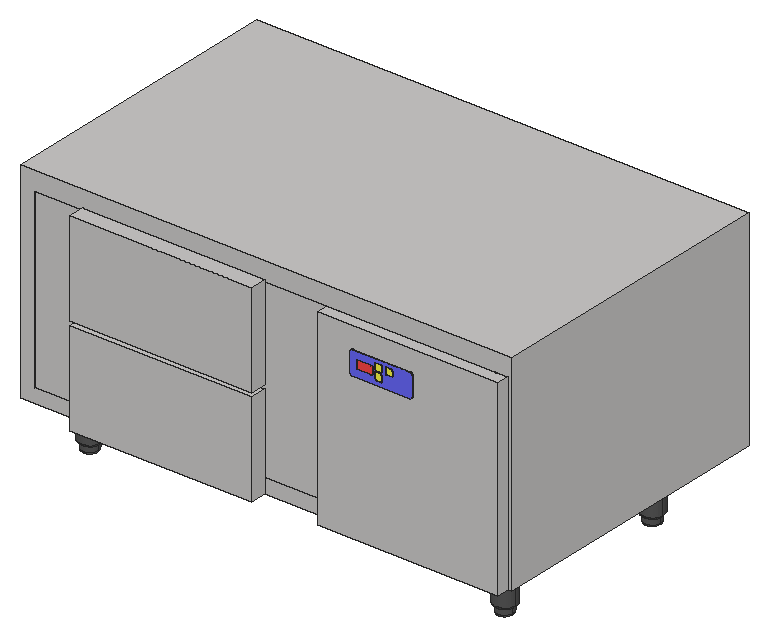
Revit family "QF_CAPIC_CELTIC_W383115", category Equipement spécialisé, Revit 2018
Family settings
  Cote de connecteur circulaire = Utiliser le diamètre
  Type d'élément = Normal
  Numéro OmniClass = 23.40.40.14
  Titre OmniClass = Food Service Equipment
  Basée sur le plan de construction = Non
  Toujours verticalement = Oui
  Couper avec des vides une fois chargée = Non
  Partagée = Non
  Point de calcul de pièce = Non
Parameters (values of type "L=1200mm")
  URL catalogue = "http://www.capic-fr.com/fr/"
  Type de Raccord Plomberie [instance] = ""
  Type de Raccord Electrique [instance] = "Bornier interne"
  Type de Gaz = ""
  Type article [instance] = ""
  Tension = 230 V
  Spécification du Fabricant = ""
  Show Logo = yes
  Remarques evacuation [instance] = "ecoulement condensat sour le meuble"
  Remarques Plomberie [instance] = ""
  Remarques Electricité [instance] = "230V x1 +T"
  Puissance électrique  = 580 W
  Puissance Gaz kW = 0
  Profondeur hors tout = 722 mm
  Pression Maximum Eau Adoucie = 0.0 Pa
  Poids net à vide = 150.00 kg
  Phase = 1
  Modèle = "W383115"
  Longueur hors tout = 1200 mm
  Intensité nominale = 0 A
  Hauteur hors tout = 630 mm
  Hauteur de Raccordement du Sol Finis = 195 mm
  Hauteur de Raccordement Gaz du Sol Finis = 0 mm
  Hauteur de Raccordement Evacuation Directe du Sol Finis = 0 mm
  Hauteur de Raccordement Eau Froide du Sol Finis = 0 mm
  Hauteur de Raccordement Eau Chaude du Sol Finis = 0 mm
  Hauteur de Raccordement Eau Adoucie du Sol Finis = 0 mm
  Fréquence = 50 Hz
  Fabricant = "CAPIC"
  Débit d'air d'extraction = 0.0 m³/h
  Débit Gaz = 0.0 L/s
  Débit Eau Froide = 0.0 L/s
  Débit Eau Chaude = 0.0 L/s
  Débit Eau Adoucie = 0.0 L/s
  Diamètre de Raccordement Gaz = 0 mm
  Diamètre de Raccordement Evacuation = 20 mm
  Diamètre de Raccordement Eau Froide = 0 mm
  Diamètre de Raccordement Eau Chaude = 0 mm
  Diamètre de Raccordement Eau Adoucie = 0 mm
  Description = "2 tiroirs refigérés + groupe"
  Assembly Code = ""
  Classification  Omniclass nombre et titre = "23.40.40.14"
Reference planes
  plane 1 "Centre (avant/arrière)": y = 0
  plane 2: z = 0
  plane 3 "Centre (gauche/droite)": x = 0
  plane 4 "Centre G/E": y = 0
  plane 5: y = -838
  plane 6: x = 1200
  plane 7: x = 1198
  plane 8: x = 2
  plane 9: x = 1165
  plane 10: y = -818
  plane 11: x = 1158
  plane 12: z = 141
  plane 13: x = 42
  plane 14: x = 35
  plane 15: y = -182
  plane 16: z = 621
  plane 17: z = 120
  plane 18: y = -116
  plane 19 "Centre G/G": y = -83
Forms (mm)
  Extrusion 1, solid, material "QF_Stainless Steel-Brushed"
    sketch origin (1480, 0, 0) x (1, 0, 0) y (0, 0, 1)
      loop
        line (-1480, 630) -> (-1480, 120) -> (-280, 120) -> (-280, 630) -> (-1480, 630)
    from 838 to 116
  Extrusion 2, void
    sketch origin (1480, 0, 0) x (1, 0, 0) y (0, 0, 1)
      loop
        line (-1445, 155.456) -> (-315, 155.456) -> (-315, 585.456) -> (-1445, 585.456) -> (-1445, 155.456)
    from 838 to 182
  Extrusion 3, void
    sketch origin (1480, 0, 0) x (1, 0, 0) y (0, 1, 0)
      loop
        line (-1445, -182) -> (-1445, -820) -> (-315, -820) -> (-315, -182) -> (-1445, -182)
    from 120 to 141
  Extrusion 4, solid, material "QF_Stainless Steel-Brushed"
    sketch origin (1480, -838, 0) x (1, 0, 0) y (0, 0, 1)
      loop
        line (-1445, 585.456) -> (-1445, 155.456) -> (-315, 155.456) -> (-315, 585.456) -> (-1445, 585.456)
    from 0 to -1
  Extrusion 5, solid, material "QF_Stainless Steel-Brushed"
    sketch origin (1480, -838, 0) x (1, 0, 0) y (0, 0, 1)
      loop
        line (-730, 585) -> (-730, 120) -> (-290, 120) -> (-290, 585) -> (-730, 585)
    from 0 to 30
  Extrusion 6, solid, material "QF_Stainless Steel-Brushed"
    sketch origin (1538.16, -838, 19.9) x (1, 0, 0) y (0, 0, 1)
      loop
        line (-1385.66, 570.1) -> (-1385.66, 340.1) -> (-940.66, 340.1) -> (-940.66, 570.1) -> (-1385.66, 570.1)
    from 0 to 40
  Extrusion 7, solid, material "QF_Stainless Steel-Brushed"
    sketch origin (1538.16, -838, -220.1) x (1, 0, 0) y (0, 0, 1)
      loop
        line (-1385.66, 570.1) -> (-1385.66, 340.1) -> (-940.66, 340.1) -> (-940.66, 570.1) -> (-1385.66, 570.1)
    from 0 to 40
Cuts and joins
  Extrusion 2, Extrusion 3 cuts Extrusion 1
Lines and regions (mm)
  model lines
    curve 1: line (320, -878, 570) -> (430, -878, 570)
    curve 2: line (320, -878, 515) -> (320, -878, 570)
    curve 3: line (430, -878, 515) -> (320, -878, 515)
    curve 4: line (430, -878, 570) -> (430, -878, 515)
    curve 5: line (423, -878, 563) -> (327, -878, 563)
    curve 6: line (327, -878, 563) -> (327, -878, 522)
    curve 7: line (423, -878, 522) -> (423, -878, 563)
    curve 8: line (327, -878, 522) -> (423, -878, 522)
    curve 9: line (320, -878, 330) -> (430, -878, 330)
    curve 10: line (320, -878, 275) -> (320, -878, 330)
    curve 11: line (430, -878, 275) -> (320, -878, 275)
    curve 12: line (430, -878, 330) -> (430, -878, 275)
    curve 13: line (423, -878, 323) -> (327, -878, 323)
    curve 14: line (327, -878, 323) -> (327, -878, 282)
    curve 15: line (423, -878, 282) -> (423, -878, 323)
    curve 16: line (327, -878, 282) -> (423, -878, 282)
    curve 17: line (770, -868, 361.312) -> (1170, -868, 361.312)
    curve 18: line (770, -868, 140) -> (770, -868, 361.312)
    curve 19: line (1170, -868, 140) -> (770, -868, 140)
    curve 20: line (1170, -868, 361.312) -> (1170, -868, 140)
    curve 21: line (770, -868, 346.312) -> (1170, -868, 346.312)
    curve 22: line (770, -868, 331.312) -> (1170, -868, 331.312)
    curve 23: line (770, -868, 316.312) -> (1170, -868, 316.312)
    curve 24: line (770, -868, 301.312) -> (1170, -868, 301.312)
    curve 25: line (770, -868, 286.312) -> (1170, -868, 286.312)
    curve 26: line (770, -868, 271.312) -> (1170, -868, 271.312)
    curve 27: line (770, -868, 256.312) -> (1170, -868, 256.312)
    curve 28: line (770, -868, 241.312) -> (1170, -868, 241.312)
    curve 29: line (770, -868, 226.312) -> (1170, -868, 226.312)
    curve 30: line (770, -868, 211.312) -> (1170, -868, 211.312)
    curve 31: line (770, -868, 196.312) -> (1170, -868, 196.312)
    curve 32: line (770, -868, 181.312) -> (1170, -868, 181.312)
    curve 33: line (770, -868, 166.312) -> (1170, -868, 166.312)
    curve 34: line (770, -868, 151.312) -> (1170, -868, 151.312)
Dimensions and locks
  locked: plane 9 to plane 6 at 35
  locked: plane 10 to plane 5 at 20
  "Profondeur hors tout": plane 5 to plane 18
  locked: plane 7 to plane 6 at 2
  locked: plane 3 "Centre (gauche/droite)" to plane 8 at 2
  "Longueur hors tout": plane 3 "Centre (gauche/droite)" to plane 6
  locked: plane 3 "Centre (gauche/droite)" to plane 14 at 35
  locked: plane 3 "Centre (gauche/droite)" to plane 13 at 42
  locked: plane 11 to plane 6 at 42
  locked: plane 15 to plane 5 at 656
  plane 12 to plane 17 to plane 2 = 21 mm locked, 120 mm locked
  aligned and locked: level to plane 2
  aligned and locked: Extrusion 1 to Extrusion 2
  aligned and locked: cut or joined group of Extrusion 1, Extrusion 2, Extrusion 3 to plane 5
  aligned and locked: nested 1 to plane 12
  aligned and locked: nested 2 to plane 12
  aligned and locked: nested 2 to plane 13
  aligned and locked: nested 1 to plane 13
  aligned and locked: nested 3 to plane 11
  aligned and locked: nested 4 to plane 11
  aligned and locked: plane 15 to cut or joined group of Extrusion 1, Extrusion 2, Extrusion 3
  aligned and locked: cut or joined group of Extrusion 1, Extrusion 2, Extrusion 3 to plane 15
  aligned and locked: plane 18 to cut or joined group of Extrusion 1, Extrusion 2, Extrusion 3
  aligned and locked: plane 14 to Extrusion 4 sketch curve
  aligned and locked: plane 17 to Extrusion 5 sketch curve
Automatic sketch dimensions
  Extrusion 1 sketch curve to plane 3 "Centre (gauche/droite)" = 0 mm
  Extrusion 1 sketch curve to plane 6 = 0 mm
  Extrusion 1 sketch curve to plane 17 = 0 mm
  plane 16 to Extrusion 1 sketch curve = 9 mm
  Extrusion 2 sketch curve to plane 14 = 0 mm
  Extrusion 2 sketch curve to plane 9 = 0 mm
  Extrusion 2 sketch curve to plane 12 = 14.456 mm
  Extrusion 2 sketch curve to plane 16 = 35.544 mm
  Extrusion 3 sketch curve to plane 14 = 0 mm
  Extrusion 3 sketch curve to plane 9 = 0 mm
  Extrusion 3 sketch curve to plane 15 = 0 mm
  Extrusion 4 sketch curve to Extrusion 1 = 35 mm
  Extrusion 4 sketch curve to Extrusion 1 = 35.456 mm
  Extrusion 4 sketch curve to Extrusion 1 = 44.544 mm
  Extrusion 5 sketch curve to Extrusion 4 = 415 mm
  Extrusion 4 to Extrusion 5 sketch curve = 25 mm
  Extrusion 5 sketch curve to Extrusion 4 = 0.456 mm
  Extrusion 6 sketch curve to Extrusion 1 = 152.5 mm
  Extrusion 6 sketch curve to Extrusion 6 sketch curve = 445 mm
  Extrusion 6 sketch curve to Extrusion 1 = 240 mm
  Extrusion 6 sketch curve to Extrusion 1 = 40 mm
  curve 1 to Extrusion 6 = 20 mm
  curve 1 to Extrusion 6 = 167.5 mm
  curve 2 to curve 8 = 7 mm
  curve 5 to Extrusion 6 = 27 mm
  curve 5 to curve 5 = 96 mm
  curve 7 to curve 3 = 7 mm
  curve 6 to curve 5 = 41 mm
  curve 3 to curve 6 = 7 mm
  Extrusion 7 sketch curve to Extrusion 1 = 0 mm
  Extrusion 7 sketch curve to Extrusion 1 = 152.5 mm
  Extrusion 7 sketch curve to Extrusion 7 sketch curve = 445 mm
  Extrusion 7 sketch curve to Extrusion 7 sketch curve = 230 mm
  curve 9 to Extrusion 7 = 20 mm
  curve 9 to Extrusion 7 = 167.5 mm
  curve 10 to curve 16 = 7 mm
  curve 13 to Extrusion 7 = 27 mm
  curve 13 to curve 13 = 96 mm
  curve 15 to curve 11 = 7 mm
  curve 14 to curve 13 = 41 mm
  curve 11 to curve 14 = 7 mm
  curve 17 to Extrusion 5 = 20 mm
  curve 20 to Extrusion 5 = 20 mm
  curve 19 to Extrusion 5 = 20 mm
  curve 18 to curve 18 = 221.312 mm
  curve 19 to curve 34 = 11.312 mm
  curve 34 to curve 33 = 15 mm
  curve 33 to curve 32 = 15 mm
  curve 32 to curve 31 = 15 mm
  curve 31 to curve 30 = 15 mm
  curve 30 to curve 29 = 15 mm
  curve 29 to curve 28 = 15 mm
  curve 28 to curve 27 = 15 mm
  curve 27 to curve 26 = 15 mm
  curve 26 to curve 25 = 15 mm
  curve 25 to curve 24 = 15 mm
  curve 24 to curve 23 = 15 mm
  curve 23 to curve 22 = 15 mm
  curve 21 to curve 17 = 15 mm
  Extrusion 3 sketch curve to plane 10 = 2 mm
Nested families
  nested 1: "QF_Details_Pied" at (93.5, -343.5, 0), type "QF_Details_Pied"
  nested 2: "QF_Details_Pied" at (93.5, -793.5, 0), type "QF_Details_Pied"
  nested 3: "QF_Details_Pied" at (1106.5, -343.5, 0), type "QF_Details_Pied"
  nested 4: "QF_Details_Pied" at (1106.5, -793.5, 0), type "QF_Details_Pied"
  nested 5: "QF_Details_CarteCdeDroit" at (830, -11, -240), type "QF_Details_CarteCdeDroit"
Connectors
  piping at (353, -553, 141), diameter 20
    settings: on Extrusion 3, index 1, connector inside diameter 609.6 mm, connector length 0 mm, flow factor 0, pipe flow 0.0 L/s, pressure drop 0.0 Pa, fitting loss kfactor 0, connector angle 0.00°, fixture units 0, engagement length 0 mm, angle of deflection 0.00°, flow configuration 0, flow direction 0, fitting loss method 0, system type 16, joint type 0, gender type 0, connector reference index -1, connector utility 0, adjustable connector no, is connector primary yes, connector description ""
Definition of nested family "QF_Details_Pied"
  Reference planes
    plane 1 "Centre (avant/arrière)": y = 0
    plane 2: z = 0
    plane 3 "Centre (gauche/droite)": x = 0
  Forms (mm)
    Extrusion 1, solid
      sketch origin (-137.492, 51.5, -340.756) x (1, 0, 0) y (0, 0, 1)
        loop
          line (85.992, 481.756) -> (85.992, 472.756) -> (188.992, 472.756) -> (188.992, 481.756) -> (85.992, 481.756)
      from -51.5 to 51.5
    Revolve 2, solid
      sketch origin (0, 51.5, -9) x (1, 0, 0) y (0, 0, 1)
        loop
          line (0, 141) -> (0, 9) -> (19.21, 9) -> (19.21, 13) -> (20.21, 13) -> (20.21, 26) -> (21.71, 26) -> (26.66, 30.95) -> (26.66, 90.95) -> (31.468, 136.698) -> (36.246, 141) -> (0, 141)
        axis (0, 141) -> (0, 9)
      angle from 0 to 360
  Dimensions and locks
    aligned and locked: level to plane 2
    aligned and locked: Extrusion 1 to Revolve 2 sketch curve
Definition of nested family "QF_Details_CarteCdeDroit"
  Reference planes
    plane 1 "Centre (avant/arrière)": y = 0
    plane 2: z = 0
    plane 3 "Centre (gauche/droite)": x = 0
  Forms (mm)
    Extrusion 1, solid
      sketch origin (0, -857, -12.998) x (1, 0, 0) y (0, 0, 1)
        loop
          arc (7, 787.388) -> (2.05, 785.338) -> (0, 780.388) r 7
          line (0, 780.388) -> (0, 735.388)
          arc (0, 735.388) -> (2.05, 730.439) -> (7, 728.388) r 7
          line (7, 728.388) -> (145, 728.388)
          arc (145, 728.388) -> (149.95, 730.439) -> (152, 735.388) r 7
          line (152, 735.388) -> (152, 780.388)
          arc (152, 780.388) -> (149.95, 785.338) -> (145, 787.388) r 7
          line (145, 787.388) -> (7, 787.388)
        loop
          line (15, 767.388) -> (15, 748.388) -> (54, 748.388) -> (54, 767.388) -> (15, 767.388)
        loop
          line (74, 776.917) -> (61, 776.917) -> (61, 763.917)
          arc (61, 763.917) -> (62.172, 761.089) -> (65, 759.917) r 4
          line (65, 759.917) -> (78, 759.917) -> (78, 772.917)
          arc (78, 772.917) -> (76.828, 775.745) -> (74, 776.917) r 4
        loop
          line (99, 776.917) -> (86, 776.917) -> (86, 763.917)
          arc (86, 763.917) -> (87.172, 761.089) -> (90, 759.917) r 4
          line (90, 759.917) -> (103, 759.917) -> (103, 772.917)
          arc (103, 772.917) -> (101.828, 775.745) -> (99, 776.917) r 4
        loop
          line (74, 756.917) -> (61, 756.917) -> (61, 743.917)
          arc (61, 743.917) -> (62.172, 741.089) -> (65, 739.917) r 4
          line (65, 739.917) -> (78, 739.917) -> (78, 752.917)
          arc (78, 752.917) -> (76.828, 755.745) -> (74, 756.917) r 4
      from 0 to 0.5
    Extrusion 2, solid
      sketch origin (0, -857, 0) x (1, 0, 0) y (0, 0, 1)
        loop
          line (15, 754.391) -> (15, 735.391) -> (54, 735.391) -> (54, 754.391) -> (15, 754.391)
      from 0 to 0.5
    Extrusion 3, solid
      sketch origin (0, -857, 0) x (1, 0, 0) y (0, 0, 1)
        loop
          line (61, 763.919) -> (61, 750.919)
          arc (61, 750.919) -> (62.172, 748.091) -> (65, 746.919) r 4
          line (65, 746.919) -> (78, 746.919) -> (78, 759.919)
          arc (78, 759.919) -> (76.828, 762.748) -> (74, 763.919) r 4
          line (74, 763.919) -> (61, 763.919)
      from 0 to 0.5
    Extrusion 4, solid
      sketch origin (0, -857, -20) x (1, 0, 0) y (0, 0, 1)
        loop
          line (61, 763.919) -> (61, 750.919)
          arc (61, 750.919) -> (62.172, 748.091) -> (65, 746.919) r 4
          line (65, 746.919) -> (78, 746.919) -> (78, 759.919)
          arc (78, 759.919) -> (76.828, 762.748) -> (74, 763.919) r 4
          line (74, 763.919) -> (61, 763.919)
      from 0 to 0.5
    Extrusion 5, solid
      sketch origin (25, -857, 0) x (1, 0, 0) y (0, 0, 1)
        loop
          line (61, 763.919) -> (61, 750.919)
          arc (61, 750.919) -> (62.172, 748.091) -> (65, 746.919) r 4
          line (65, 746.919) -> (78, 746.919) -> (78, 759.919)
          arc (78, 759.919) -> (76.828, 762.748) -> (74, 763.919) r 4
          line (74, 763.919) -> (61, 763.919)
      from 0 to 0.5
  Dimensions and locks
    aligned and locked: level to plane 2
